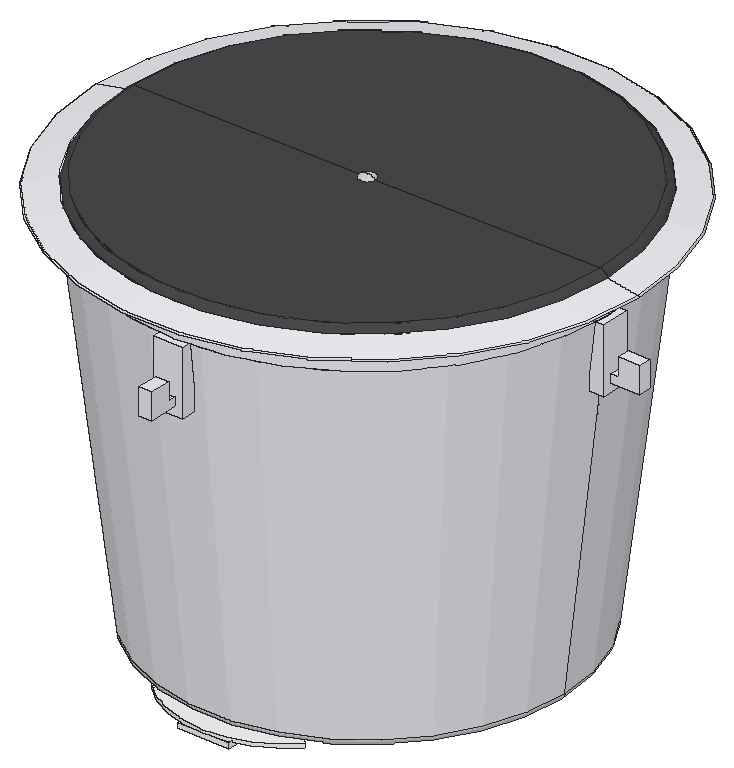
Revit family "FAP8CXT", category Communication Devices, Revit 2014
Parameters (values of type "Two Way, Full Range, Coaxial Ceiling Loudspeaker")
  Width = 15.75"
  Warranty = "5 Year"
  Vertical Symmetry = yes
  URL = "www.atlassound.com"
  Transformer Option = yes
  Specification by User (default) = "TBD"
  Speaker Type = "S1"
  Speaker Listening Height [instance] = 30.00"
  Speaker Height [instance] = 120.00"
  Speaker Dispersion = 90.00°
  Speaker Cone Visible [instance] = no
  Speaker Cone Height [instance] = (Speaker Height - Speaker Listening Height)  # 90.00"
  Sensitivity = 92
  ScheduleType |RF| = "AtlasIED Master"
  Safety Agency Ratings = "UL Listed to Comply with UL1480"
  SPL Max = 107
  Regulatory Compliance = "UL Listed to Comply with UL1480"
  Radius of Speaker Cone [instance] = (Speaker Cone Height) * tan(Speaker Dispersion / 2)  # 90.00"
  Product Page URL = "https://www.atlasied.com/Product/ProductDetails?productId=2620"
  Product Documentation Link = "https://www.atlasied.com/f/1802/ATS002701_FAP8CXT_Data_Sheet_RevC.pdf"
  Power Rating (RMS) = "150 Watts"
  Power Handling = 70
  OmniClass Title = "SPEAKERS"
  OmniClass Number = "23-37 17 13 19"
  Mount Material = QF_Plastic - White - Smooth
  Model = "FAP8CXT"
  MaterFormat Title = "SPEAKERS"
  MasterFormat = "27 41 13"
  Market = "Commercial, Higher Education, Emergency"
  Manufacturer URL = "https://www.atlasied.com"
  Manufacturer Phone = "(800) 876 - 3333"
  Manufacturer Email = "support@atlasied.com"
  Manufacturer Address = "4545 E. Baseline Rd., Phoenix, AZ 85042"
  Manufacturer = "ATLAS SOUND"
  Input Connectors = "4-Position PHX Type Connector"
  Ingress Protection = "IP-21"
  Impedance = 8
  IQ Category = "SPEAKERS"
  Height = 12.35"
  HF Driver = "8.25\" (310mm) woofer constructed with polypropylene cone & a 1\" (25 mm) titanium diaphragm compression driver."
  Grill Material = QF_Plastic - Black - Fine Textured
  Frequency Response  = "60Hz – 15kHz (±5dB)"
  Family Version [instance] = "V12017"
  Family Code (default) = "LOUD SPEAKERS"
  Enclosure Material = none
  Dispersion Angle = 90.00°
  Description = "8\" COMPRESSION DRIVER COAXIAL IN-CEILING LOUDSPEAKER WITH 60-WATT 70/100V TRANSFORMER AND PORTED ENCLOSURE"
  Coverage Vertical = 110.00°
  Coverage Horizontal = 110.00°
  Cost MSRP = 357.99
  Cost = 357.99
  Controls = "Front Mounted Tap Selector Switch"
  Color = none
  Body Material = QF_Plastic - White - Smooth
  Baffle Material = none
  70V Taps = "1.9, 3.8, 7.5, 15, 30, 60 Watts & 8Ω"
  100V Taps = "1.9, 3.8, 7.5, 15, 30, 60 Watts & 8Ω"
Reference planes (in)
  plane 1 "Center (Front/Back)": y = 0
  plane 2: z = 0
  plane 3 "Center (Left/Right)": x = 0
  plane 4: z = 0.55
  plane 5: z = -8.76
  plane 6: y = 5.17184
  plane 7: y = -5.25
  plane 8: z = 0.38172
  plane 9: z = -0.75
  plane 10: x = 7.875
  plane 11: x = -7.875
  plane 12: x = 7
  plane 13: x = -7
  plane 14: z = -12.35
Forms (in)
  Revolve 1, solid, material "QF_Plastic - White - Smooth" <- "Mount Material"
    sketch origin (0, 0, 0) x (1, 0, 0) y (0, 0, 1)
      loop
        line (0, -0.75) -> (0, 0.21227) -> (-6.98569, 0.21227)
        arc (-6.98569, 0.21227) -> (-7.4174, 0.12916) -> (-7.84741, 0.03769) r 22.63754
        arc (-7.84741, 0.03769) -> (-7.8683, 0.02404) -> (-7.875, 0) r 0.03543
        line (-7.875, 0) -> (-7, 0) -> (-7, -0.75) -> (0, -0.75)
      axis (0, 0.21227) -> (0, -0.75)
    angle from 0 to 360
  Revolve 2, solid, material "QF_Plastic - Black - Fine Textured" <- "Grill Material"
    sketch origin (0, 0, 0) x (1, 0, 0) y (0, 0, 1)
      loop
        line (0, 0.21227) -> (0, 0.38172) -> (0, 0.45737)
        arc (0, 0.45737) -> (-0.12114, 0.44524) -> (-0.225, 0.38172) r 0.27343
        line (-0.225, 0.38172) -> (-6.78374, 0.38172)
        arc (-6.78374, 0.38172) -> (-6.89952, 0.31463) -> (-6.98569, 0.21227) r 0.38882
        line (-6.98569, 0.21227) -> (0, 0.21227)
      axis (0, 0.45737) -> (0, 0.21227)
    angle from 0 to 360
  Revolve 3, solid, material "QF_Plastic - White - Smooth" <- "Body Material"
    sketch origin (0, 0, 0) x (1, 0, 0) y (0, 0, 1)
      loop
        line (0, -0.75) -> (-7, -0.75) -> (-5.73727, -11.03411)
        arc (-5.73727, -11.03411) -> (-5.66973, -11.16913) -> (-5.53678, -11.24065) r 0.25
        arc (-5.53678, -11.24065) -> (-4.03634, -11.43751) -> (-2.52328, -11.46443) r 13.43767
        line (-2.52328, -11.46443) -> (0, -11.46443) -> (0, -0.75)
      axis (0, -0.75) -> (0, -11.46443)
    angle from 0 to 360
  Extrusion 4, solid, material "QF_Plastic - White - Smooth"
    sketch origin (0, 0, -0.75) x (0, 1, 0) y (1, 0, 0)
      loop
        line (0.40934, -7.21227) -> (0.40934, -6.79817) -> (-0.44066, -6.79817) -> (-0.44066, -7.21227) -> (0.40934, -7.21227)
      loop
        line (0.40934, 7.21227) -> (-0.44066, 7.21227) -> (-0.44066, 6.79817) -> (0.40934, 6.79817) -> (0.40934, 7.21227)
      loop
        line (7.21558, 0.41845) -> (6.79819, 0.41845) -> (6.79819, -0.43155) -> (7.21558, -0.43155) -> (7.21558, 0.41845)
      loop
        line (-7.21558, 0.41845) -> (-7.21558, -0.43155) -> (-6.79819, -0.43155) -> (-6.79819, 0.41845) -> (-7.21558, 0.41845)
    from 0 to 1.85886
  Extrusion 5, solid, material "QF_Plastic - White - Smooth"
    sketch origin (-3.78297, -0.44066, -0.75) x (-1, 0, 0) y (0, 0, -1)
      loop
        line (4.28853, 1.61) -> (3.07008, 1.61) -> (3.07008, 1.36) -> (3.66353, 1.36) -> (3.66353, 0.86) -> (4.28853, 0.86) -> (4.28853, 1.61)
      loop
        line (-11.85447, 1.61) -> (-11.85447, 0.86) -> (-11.22947, 0.86) -> (-11.22947, 1.36) -> (-10.63601, 1.36) -> (-10.63601, 1.61) -> (-11.85447, 1.61)
    from -0.2375 to -0.6125
  Extrusion 6, solid, material "QF_Plastic - White - Smooth"
    sketch origin (-0.425, 3.7673, -0.75) x (0, 1, 0) y (0, 0, -1)
      loop
        line (4.2952, 1.61) -> (3.07674, 1.61) -> (3.07674, 1.36) -> (3.6702, 1.36) -> (3.6702, 0.86) -> (4.2952, 0.86) -> (4.2952, 1.61)
      loop
        line (-11.8298, 1.61) -> (-11.8298, 0.86) -> (-11.2048, 0.86) -> (-11.2048, 1.36) -> (-10.61135, 1.36) -> (-10.61135, 1.61) -> (-11.8298, 1.61)
    from -0.2375 to -0.6125
  Extrusion 7, solid, material "QF_Plastic-White-Smooth"
    sketch origin (-6.66586, -182.6875, -12.75) x (-1, 0, 0) y (0, -1, 0)
      loop
        arc (-4.43618, -177.65197) -> (-6.65155, -176.73434) -> (-8.86692, -177.65197) r 3.133
        line (-8.86692, -177.65197) -> (-7.28455, -179.23434) -> (-6.01855, -179.23434) -> (-4.43618, -177.65197)
    from 1.37374 to 1.27559
  Extrusion 8, solid, material "QF_Plastic-White-Smooth"
    sketch origin (0.36869, -3.45316, -12.75) x (-1, 0, 0) y (0, 0, 1)
      loop
        line (1.016, 1.27559) -> (-0.26405, 1.27559) -> (-0.26405, 0.25)
        arc (-0.26405, 0.25) -> (-0.19083, 0.07322) -> (-0.01405, 0) r 0.25
        line (-0.01405, 0) -> (0.766, 0)
        arc (0.766, 0) -> (0.94278, 0.07322) -> (1.016, 0.25) r 0.25
        line (1.016, 0.25) -> (1.016, 1.27559)
      loop
        circle (0.37645, 0.37996) r 0.25
    from 0 to 0.13
  Extrusion 9, solid, material "QF_Plastic-White-Smooth"
    sketch origin (-6.66586, -182.6875, -11.47441) x (0, -1, 0) y (-1, 0, 0)
      loop
        line (-177.87354, -5.91901) -> (-177.86412, -7.41908) -> (-176.74282, -7.4121) -> (-176.75224, -5.91214) -> (-177.87354, -5.91901)
      loop
        line (-178.06464, -7.43003) -> (-178.07418, -5.91139) -> (-178.8591, -5.98561) -> (-178.85043, -7.36558) -> (-178.06464, -7.43003)
    from 0 to 0.13
  Blend 10, solid, material "Glass", visible <- "Speaker Cone Visible"
    base sketch origin (0, 0, 0) x (1, 0, 0) y (0, 1, 0)
      loop
        circle (0, 0.09521) r 90
    top sketch origin (0, 0, 0) x (1, 0, 0) y (0, 1, 0)
      loop
        circle (0, 0.09521) r 0.13513
    from 90 <- "Speaker Cone Height" to 0
  Blend 11, solid, material "Glass", visible <- "Speaker Cone Visible"
    base sketch origin (0, 0, 0) x (1, 0, 0) y (0, 1, 0)
      loop
        circle (0, 0.09521) r 90
    top sketch origin (0, 0, 0) x (1, 0, 0) y (0, 1, 0)
      loop
        circle (0, 0.09521) r 0.13513
    from 90 <- "Speaker Cone Height" to 0
Lines and regions (in)
  symbolic lines
    curve 1: circle (0, 0, 0) r 7.875 normal (0, 0, 1)
    curve 2: circle (0, 0, 0) r 0.225 normal (0, 0, 1)
    curve 3: circle (0, 0, 0) r 6.98569 normal (0, 0, 1)
  symbolic lines, style "Sound Projection Average", visible <- "Speaker Cone Visible"
    curve 4: circle (0, 0.09521, 0) r 90 normal (0, 0, 1)
Dimensions and locks (in)
  plane 2 to plane 5 = 8.76"
  level to plane 9 = 0.75"
  plane 6 to plane 7 = 10.42184"
  plane 13 to plane 12 = 14.00"
  "Width": plane 11 to plane 10
  plane 2 to plane 14 = 12.35"
  "Radius of Speaker Cone": radius of Blend 10 sketch curve
  "Radius of Speaker Cone": radius of Blend 11 sketch curve
  aligned and locked: plane 2 to level
  aligned and locked: curve 4 to Blend 11
Automatic sketch dimensions
  curve 1 to curve 3 = 0.00"  (x2)
  curve 2 to curve 3 = 0.00"  (x2)
  plane 1 "Center (Front/Back)" to curve 2 = 0.00"
  curve 2 to plane 3 "Center (Left/Right)" = 0.00"
  Revolve 1 sketch curve to level = 0.00"
  plane 11 to Revolve 1 sketch curve = 0.00"
  Revolve 1 sketch curve to plane 9 = 0.00"
  plane 13 to Revolve 1 sketch curve = 0.00"
  Revolve 1 sketch curve to plane 3 "Center (Left/Right)" = 0.00"  (x2)
  level to Revolve 1 sketch curve = 0.00311"
  Revolve 1 sketch curve to plane 11 = 0.0353"
  Revolve 1 sketch curve to plane 13 = 0.01431"
  Revolve 1 sketch curve to plane 3 "Center (Left/Right)" = 2.92265"
  Revolve 1 sketch curve to plane 8 = 0.16946"
  Revolve 1 sketch curve to plane 4 = 2.31194"
  Revolve 1 sketch curve to Revolve 1 sketch curve = 0.25"
  Revolve 2 sketch curve to plane 8 = 0.00"  (x2)
  Revolve 2 sketch curve to plane 3 "Center (Left/Right)" = 0.00"  (x2)
  Revolve 2 sketch curve to plane 3 "Center (Left/Right)" = 0.034"
  Revolve 2 sketch curve to Revolve 2 sketch curve = 0.225"
  level to Revolve 2 sketch curve = 0.01678"
  Revolve 2 sketch curve to plane 13 = 0.35041"
  Revolve 2 sketch curve to plane 13 = 0.21626"
  Revolve 2 sketch curve to plane 13 = 0.01431"
  Revolve 2 sketch curve to Revolve 2 sketch curve = 0.0262"
  Revolve 2 sketch curve to plane 4 = 2.31194"
  Revolve 2 sketch curve to Revolve 2 sketch curve = 0.25"
  Revolve 3 sketch curve to plane 9 = 0.00"
  plane 13 to Revolve 3 sketch curve = 0.00"
  Revolve 3 sketch curve to plane 3 "Center (Left/Right)" = 0.00"  (x2)
  Revolve 3 sketch curve to plane 13 = 1.26273"
  Revolve 3 sketch curve to Revolve 3 sketch curve = 0.24692"
  Revolve 3 sketch curve to plane 4 = 1.41326"
  Revolve 3 sketch curve to plane 3 "Center (Left/Right)" = 3.04122"
  Revolve 3 sketch curve to Revolve 3 sketch curve = 2.52328"
  Revolve 3 sketch curve to Revolve 3 sketch curve = 0.03911"
  Revolve 3 sketch curve to plane 4 = 2.31194"
  Revolve 3 sketch curve to Revolve 3 sketch curve = 0.25"
  Extrusion 4 sketch curve to Revolve 1 = 7.21558"
  Extrusion 4 sketch curve to Extrusion 4 sketch curve = 0.4174"  (x2)
  Extrusion 4 sketch curve to Revolve 1 = 0.44066"  (x2)
  Revolve 1 to Extrusion 4 sketch curve = 0.40934"  (x2)
  Revolve 1 to Extrusion 4 sketch curve = 6.79819"
  Extrusion 4 sketch curve to Extrusion 4 sketch curve = 0.4141"  (x2)
  Extrusion 4 sketch curve to Extrusion 4 sketch curve = 6.37972"  (x2)
  Extrusion 4 sketch curve to Extrusion 4 sketch curve = 0.85"  (x2)
  Extrusion 4 sketch curve to Extrusion 4 sketch curve = 6.36663"
  Extrusion 5 sketch curve to plane 10 = 0.1965"
  plane 10 to Extrusion 5 sketch curve = 0.4285"
  plane 12 to Extrusion 5 sketch curve = 0.14696"
  Extrusion 5 sketch curve to plane 13 = 0.14696"
  Extrusion 5 sketch curve to plane 11 = 0.4285"
  plane 11 to Extrusion 5 sketch curve = 0.1965"
  Extrusion 5 sketch curve to plane 9 = 0.86"  (x2)
  Extrusion 5 sketch curve to Extrusion 5 sketch curve = 0.50"  (x2)
  Extrusion 5 sketch curve to Extrusion 5 sketch curve = 0.25"  (x2)
  Extrusion 6 sketch curve to plane 7 = 2.8125"
  Extrusion 6 sketch curve to Extrusion 6 sketch curve = 0.625"  (x2)
  Extrusion 6 sketch curve to Extrusion 6 sketch curve = 0.59345"  (x2)
  plane 6 to Extrusion 6 sketch curve = 1.67221"
  Extrusion 6 sketch curve to plane 9 = 0.86"  (x2)
  Extrusion 6 sketch curve to Extrusion 6 sketch curve = 0.50"  (x2)
  Extrusion 6 sketch curve to Extrusion 6 sketch curve = 0.25"  (x2)
  plane 7 to Extrusion 7 sketch curve = 0.21447"  (x2)
  plane 3 "Center (Left/Right)" to Extrusion 7 sketch curve = 2.20105"
  plane 3 "Center (Left/Right)" to Extrusion 7 sketch curve = 0.61869"
  Extrusion 7 sketch curve to plane 3 "Center (Left/Right)" = 0.01431"
  Extrusion 7 sketch curve to plane 3 "Center (Left/Right)" = 0.64731"
  plane 7 to Extrusion 7 sketch curve = 1.79684"
  Extrusion 7 sketch curve to Extrusion 7 sketch curve = 0.633"
  Extrusion 8 sketch curve to Extrusion 7 = 0.00"  (x2)
  Extrusion 8 sketch curve to Extrusion 8 sketch curve = 0.25"
  Extrusion 8 sketch curve to Extrusion 8 sketch curve = 0.38955"
  Extrusion 7 to Extrusion 8 sketch curve = 0.23595"
  Extrusion 8 sketch curve to Extrusion 7 = 0.01405"
  Extrusion 8 sketch curve to Extrusion 7 = 0.89562"
  Extrusion 8 sketch curve to Extrusion 8 sketch curve = 0.12996"
  Extrusion 7 to Extrusion 9 sketch curve = 0.37524"
  Extrusion 7 to Extrusion 9 sketch curve = 0.38391"
  Extrusion 9 sketch curve to Extrusion 9 sketch curve = 0.78492"
  Extrusion 9 sketch curve to Extrusion 9 sketch curve = 0.78579"
  Extrusion 9 sketch curve to Extrusion 9 sketch curve = 0.20064"
  Extrusion 9 sketch curve to Extrusion 9 sketch curve = 0.20052"
  Extrusion 9 sketch curve to Extrusion 9 sketch curve = 1.1213"  (x2)
  Extrusion 7 to Extrusion 9 sketch curve = 0.74459"
  Extrusion 9 sketch curve to Extrusion 9 sketch curve = 0.00075"
  Extrusion 9 sketch curve to Extrusion 9 sketch curve = 0.00762"
  Extrusion 9 sketch curve to Extrusion 9 sketch curve = 0.07422"
  Extrusion 9 sketch curve to Extrusion 9 sketch curve = 1.37997"
  Extrusion 9 sketch curve to Extrusion 9 sketch curve = 1.49996"
  Extrusion 9 sketch curve to Extrusion 9 sketch curve = 0.05349"
  Extrusion 9 sketch curve to Extrusion 9 sketch curve = 0.01095"
  Revolve 1 sketch curve to plane 5 = 13.29766"
  Revolve 3 sketch curve to plane 5 = 2.235"
  Revolve 3 sketch curve to plane 5 = 2.70443"
  Blend 10 sketch curve to plane 3 "Center (Left/Right)" = 0.00"  (x2)
  Blend 10 sketch curve to plane 1 "Center (Front/Back)" = 0.09521"  (x2)
  Blend 11 sketch curve to plane 3 "Center (Left/Right)" = 0.00"  (x2)
  Blend 11 sketch curve to plane 1 "Center (Front/Back)" = 0.09521"  (x2)
  radius of curve 1 = 7.875"
  radius of curve 2 = 0.225"
  radius of curve 3 = 6.98569"
  radius of Extrusion 8 sketch curve = 0.25"
  radius of Blend 10 sketch curve = 0.13513"
  radius of Blend 11 sketch curve = 0.13513"
Nested families (in)
  nested 1: "Speaker Annotation" at (0, 0, 0), Speaker Type <- "Speaker Type", type "Data Annotation"
    with Speaker Type "S1"
  nested 2: "Speaker Annotation" at (0, 0, 0), Speaker Type <- "Speaker Type", type "Data Annotation"
    with Speaker Type "S1"
Definition of nested family "Speaker Annotation"
  Parameters (values of type "Data Annotation")
    Speaker Type [instance] = ""
  Reference planes (in)
    plane 1: y = 0
    plane 2: x = 0
  Lines and regions (in)
    detail lines, style "Data Device"
      curve 1: circle (-0.00295, 0.00032, 0) r 0.09489 normal (0, 0, 1)
  Text (in)
    label "S1" at (0.00193, -0.00496, 0), shows "Speaker Type"
